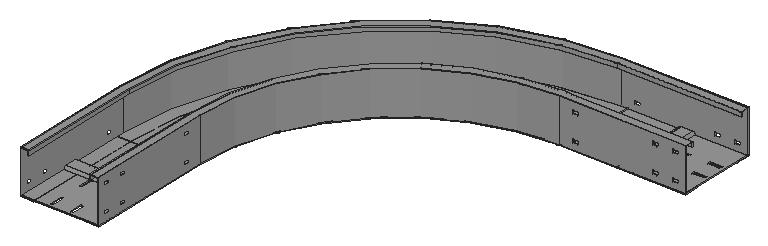
Revit family "Bogen 90WRB 120 FS", category Generic Models, Revit 2017
Family settings
  Can host rebar = No
  Round Connector Dimension = Use Diameter
  Part Type = Normal
  Work Plane-Based = No
  Always vertical = Yes
  Cut with Voids When Loaded = No
  Shared = No
  Room Calculation Point = No
Parameters (values of type "WRB 90 120 FS")
  URL = "http://www.obo-bettermann.com"
  Material = Strip Galvanised
  Manufacturer Art.No. = "6098304"
  Manufacturer = "OBO BETTERMANN"
  GTIN = "4012196033676"
  Cut's number = 2
  Article Type = "WRB 90 120 FS"
Reference planes
  plane 1 "Center (Front/Back)": y = 0
  plane 2: z = 0
  plane 3 "Center (Left/Right)": x = 0
  plane 4: y = 193
  plane 5: y = -817.08
  plane 6: x = 1010.08
  plane 7: through (1010.08, -817.08, 1200) normal (-0.7071, -0.7071, 0)
  plane 8: y = -817.08
  plane 9: y = -517.08
  plane 10: y = -665.18
  plane 11: y = -665.18
  plane 12: y = -680.18
  plane 13: z = 6.5
  plane 14: y = -517.08
  plane 15: x = 710.08
  plane 16: through (710.08, -517.08, 1200) normal (-0.2079, -0.9781, 0)
  plane 17: through (710.08, -517.08, 1200) normal (-0.5592, -0.829, 0)
  plane 18: z = 108.491
  plane 19: z = -1.509
  plane 20: z = -3.009
  plane 21: z = 96.991
  plane 22: z = 106.991
  plane 23: y = -792.08
  plane 24: x = 96.5
  plane 25: x = 121.5
  plane 26: x = 71.5
  plane 27: y = -792.08
  plane 28: x = 46.5
  plane 29: x = 71.5
  plane 30: x = 21.5
  plane 31: y = -792.08
  plane 32: x = 96.5
  plane 33: x = 121.5
  plane 34: x = 71.5
  plane 35: y = -702.08
  plane 36: x = 96.5
  plane 37: x = 121.5
  plane 38: x = 71.5
  plane 39: y = -702.08
  plane 40: x = 46.5
  plane 41: x = 71.5
  plane 42: x = 21.5
  plane 43: y = -612.08
  plane 44: x = 96.5
  plane 45: x = 121.5
  plane 46: x = 71.5
  plane 47: y = -612.08
  plane 48: x = 46.5
  plane 49: x = 71.5
  plane 50: x = 21.5
  plane 51: through (710.08, -517.08, 1200) normal (-0.829, -0.5592, 0)
  plane 52: x = 1010.08
  plane 53: x = 710.08
  plane 54: x = 858.18
  plane 55: x = 858.18
  plane 56: x = 873.18
  plane 57: z = 6.5
  plane 58: through (710.08, -517.08, 1200) normal (-0.9205, -0.3907, 0)
  plane 59: through (710.08, -517.08, 1200) normal (-0.9781, -0.2079, 0)
  plane 60: x = 985.08
  plane 61: y = 96.5
  plane 62: y = 121.5
  plane 63: y = 71.5
  plane 64: y = 96.5
  plane 65: x = 858.18
  plane 66: x = 945.08
  plane 67: y = -792.08
  plane 68: z = 85.991
  plane 69: y = -792.08
  plane 70: z = 20.991
  plane 71: y = -792.08
  plane 72: z = 85.991
  plane 73: y = -742.08
  plane 74: z = 85.991
  plane 75: y = -742.08
  plane 76: z = 20.991
  plane 77: y = -542.08
  plane 78: z = 85.991
  plane 79: y = -542.08
  plane 80: z = 20.991
  plane 81: x = 96.5
  plane 82: y = -792.08
  plane 83: z = 85.991
  plane 84: y = -742.08
  plane 85: z = 85.991
  plane 86: y = -792.08
  plane 87: z = 20.991
  plane 88: y = -742.08
  plane 89: z = 20.991
  plane 90: y = -542.08
  plane 91: z = 85.991
  plane 92: y = -542.08
  plane 93: z = 20.991
  plane 94: x = 935.08
  plane 95: z = 20.991
  plane 96: x = 985.08
  plane 97: z = 85.991
  plane 98: z = 49.491
  plane 99: x = 985.08
  plane 100: z = 20.991
  plane 101: x = 935.08
  plane 102: z = 85.991
  plane 103: x = 735.08
  plane 104: z = 20.991
  plane 105: x = 735.08
  plane 106: z = 85.991
  plane 107: y = 96.5
  plane 108: x = 985.08
  plane 109: z = 20.991
  plane 110: x = 935.08
  plane 111: z = 20.991
  plane 112: x = 935.08
  plane 113: z = 85.991
  plane 114: x = 985.08
  plane 115: z = 85.991
  plane 116: x = 735.08
  plane 117: z = 20.991
  plane 118: x = 735.08
  plane 119: z = 85.991
Forms (mm)
  Extrusion 1, solid, material "Strip Galvanised" <- "Material"
    sketch origin (193, 193, 0) x (0, -1, 0) y (0, 0, -1)
      loop
        line (1010.08, 0) -> (876.933, 0) -> (873.18, -6.5) -> (843.18, -6.5) -> (839.427, 0) -> (710.08, 0) -> (710.08, -1.5) -> (838.561, -1.5) -> (842.314, -8) -> (874.046, -8) -> (877.799, -1.5) -> (1010.08, -1.5) -> (1010.08, 0)
    from 0 to -193
  Extrusion 2, solid, material "Strip Galvanised" <- "Material"
    sketch origin (0, 0, 0) x (1, 0, 0) y (0, 1, 0)
      loop
        line (682.112, -1.911) -> (710.08, 0) -> (710.08, 193) -> (677.586, 191.036)
        arc (677.586, 191.036) -> (217.089, 2.414) -> (0, -445.367) r 696.5
        arc (0, -445.367) -> (-1.545, -481.223) -> (0, -517.08) r 416.89
        line (0, -517.08) -> (193.118, -517.08)
        arc (193.118, -517.08) -> (191.462, -485.146) -> (193.118, -453.212) r 308.848
        arc (193.118, -453.212) -> (352.437, -135.27) -> (682.112, -1.911) r 503.5
    from 0 to 1.5
  Extrusion 3, solid, material "Strip Galvanised" <- "Material"
    sketch origin (0, 0, 0) x (1, 0, 0) y (0, 1, 0)
      loop
        line (0, -817.08) -> (0, -500)
        arc (0, -500) -> (202.975, -9.975) -> (693, 193) r 693
        line (693, 193) -> (1010.08, 193) -> (1010.08, 194.5) -> (693, 194.5)
        arc (693, 194.5) -> (201.914, -8.914) -> (-1.5, -500) r 694.5
        line (-1.5, -500) -> (-1.5, -817.08) -> (0, -817.08)
      loop
        line (1010.08, 0) -> (693, 0)
        arc (693, 0) -> (339.447, -146.447) -> (193, -500) r 500
        line (193, -500) -> (193, -817.08) -> (194.5, -817.08) -> (194.5, -500)
        arc (194.5, -500) -> (340.507, -147.507) -> (693, -1.5) r 498.5
        line (693, -1.5) -> (1010.08, -1.5) -> (1010.08, 0)
    from 0 to 108.491
  Extrusion 4, solid, material "Strip Galvanised" <- "Material"
    sketch origin (0, 0, 0) x (1, 0, 0) y (0, 1, 0)
      loop
        line (1010.08, 194.5) -> (698.5, 194.5)
        arc (698.5, 194.5) -> (203.525, -10.525) -> (-1.5, -505.5) r 700
        line (-1.5, -505.5) -> (-1.5, -817.08) -> (33.5, -817.08) -> (33.5, -505.5)
        arc (33.5, -505.5) -> (228.274, -35.274) -> (698.5, 159.5) r 665
        line (698.5, 159.5) -> (1010.08, 159.5) -> (1010.08, 194.5)
    from 0 to -1.509
  Extrusion 5, solid, material "Strip Galvanised" <- "Material"
    sketch origin (0, 0, 0) x (1, 0, 0) y (0, 1, 0)
      loop
        line (1010.08, -1.5) -> (1010.08, 33.5) -> (693.145, 33.5)
        arc (693.145, 33.5) -> (315.801, -122.801) -> (159.5, -500.145) r 533.645
        line (159.5, -500.145) -> (159.5, -817.08) -> (194.5, -817.08) -> (194.5, -500.145)
        arc (194.5, -500.145) -> (340.55, -147.55) -> (693.145, -1.5) r 498.645
        line (693.145, -1.5) -> (1010.08, -1.5)
    from -1.509 to 0
  Extrusion 6, solid, material "Strip Galvanised" <- "Material"
    sketch origin (0, 0, 0) x (1, 0, 0) y (0, 1, 0)
      loop
        line (1010.08, 193) -> (698.2, 193)
        arc (698.2, 193) -> (204.498, -11.498) -> (0, -505.2) r 698.2
        line (0, -505.2) -> (0, -817.08) -> (20, -817.08) -> (20, -505.2)
        arc (20, -505.2) -> (218.64, -25.64) -> (698.2, 173) r 678.2
        line (698.2, 173) -> (1010.08, 173) -> (1010.08, 193)
      loop
        line (1010.08, 0) -> (1010.08, 20) -> (710.08, 20) -> (689.808, 20)
        arc (689.808, 20) -> (324.37, -131.37) -> (173, -496.808) r 516.808
        line (173, -496.808) -> (173, -517.08) -> (173, -817.08) -> (193, -817.08) -> (193, -496.808)
        arc (193, -496.808) -> (338.512, -145.512) -> (689.808, 0) r 496.808
        line (689.808, 0) -> (1010.08, 0)
    from 106.991 to 108.491
  Extrusion 7, solid, material "Strip Galvanised" <- "Material"
    sketch origin (0, 0, 0) x (1, 0, 0) y (0, 1, 0)
      loop
        line (1010.08, 173) -> (1010.08, 174.5) -> (697.474, 174.5)
        arc (697.474, 174.5) -> (217.367, -24.367) -> (18.5, -504.474) r 678.974
        line (18.5, -504.474) -> (18.5, -817.08) -> (20, -817.08) -> (20, -504.474)
        arc (20, -504.474) -> (218.428, -25.428) -> (697.474, 173) r 677.474
        line (697.474, 173) -> (1010.08, 173)
      loop
        line (1010.08, 20) -> (689.212, 20)
        arc (689.212, 20) -> (324.195, -131.195) -> (173, -496.212) r 516.212
        line (173, -496.212) -> (173, -817.08) -> (174.5, -817.08) -> (174.5, -496.212)
        arc (174.5, -496.212) -> (325.256, -132.256) -> (689.212, 18.5) r 514.712
        line (689.212, 18.5) -> (1010.08, 18.5) -> (1010.08, 20)
    from 96.991 to 106.991
  Extrusion 8, void
    sketch origin (0, 0, 0) x (1, 0, 0) y (0, 1, 0)
      loop
        line (118, -776.08) -> (118, -808.08) -> (125, -808.08) -> (125, -776.08) -> (118, -776.08)
    from -1.509 to 1.5
  Extrusion 9, void
    sketch origin (-50, 0, 0) x (1, 0, 0) y (0, 1, 0)
      loop
        line (118, -776.08) -> (118, -808.08) -> (125, -808.08) -> (125, -776.08) -> (118, -776.08)
    from -1.509 to 1.5
  Extrusion 10, void, not visible
    sketch origin (0, 0, 0) x (1, 0, 0) y (0, 1, 0)
      loop
        line (118, -776.08) -> (118, -808.08) -> (125, -808.08) -> (125, -776.08) -> (118, -776.08)
    from -1.509 to 1.5
  Extrusion 11, void
    sketch origin (0, 90, 0) x (1, 0, 0) y (0, 1, 0)
      loop
        line (118, -776.08) -> (118, -808.08) -> (125, -808.08) -> (125, -776.08) -> (118, -776.08)
    from -1.509 to 1.5
  Extrusion 12, void
    sketch origin (-50, 90, 0) x (1, 0, 0) y (0, 1, 0)
      loop
        line (118, -776.08) -> (118, -808.08) -> (125, -808.08) -> (125, -776.08) -> (118, -776.08)
    from -1.509 to 1.5
  Extrusion 13, void
    sketch origin (0, 180, 0) x (1, 0, 0) y (0, 1, 0)
      loop
        line (118, -776.08) -> (118, -808.08) -> (125, -808.08) -> (125, -776.08) -> (118, -776.08)
    from -1.509 to 1.5
  Extrusion 14, void
    sketch origin (-50, 180, 0) x (1, 0, 0) y (0, 1, 0)
      loop
        line (118, -776.08) -> (118, -808.08) -> (125, -808.08) -> (125, -776.08) -> (118, -776.08)
    from -1.509 to 1.5
  Extrusion 15, void
    sketch origin (0, 0, 0) x (1, 0, 0) y (0, 1, 0)
      loop
        line (85.646, -351.774) -> (92.495, -353.263) -> (100.087, -322.241) -> (93.255, -320.687) -> (85.646, -351.774)
      loop
        line (134.317, -362.602) -> (141.01, -364.055) -> (148.804, -333.041) -> (142.166, -331.372) -> (134.317, -362.602)
      loop
        line (121.056, -423.57) -> (115.224, -455.238) -> (121.956, -456.478) -> (127.748, -425.029) -> (121.056, -423.57)
      loop
        line (72.285, -413.204) -> (66.294, -444.643) -> (73.155, -446.067) -> (79.133, -414.694) -> (72.285, -413.204)
      loop
        line (231.924, -156.064) -> (237.59, -159.724) -> (254.312, -134.933) -> (248.796, -131.051) -> (231.924, -156.064)
      loop
        line (189.911, -128.824) -> (195.616, -132.523) -> (213.367, -106.206) -> (207.828, -102.32) -> (198.516, -115.549) -> (189.911, -128.824)
      loop
        line (196.232, -208.98) -> (179.36, -233.994) -> (185.026, -237.654) -> (201.748, -212.863) -> (196.232, -208.98)
      loop
        line (155.236, -180.23) -> (146.151, -193.183) -> (137.375, -206.772) -> (143.052, -210.452) -> (160.803, -184.135) -> (155.236, -180.23)
      loop
        line (426.994, 13.64) -> (401.98, -3.232) -> (405.863, -8.748) -> (430.654, 7.974) -> (426.994, 13.64)
      loop
        line (324.051, -55.796) -> (327.933, -61.312) -> (352.724, -44.59) -> (349.064, -38.924) -> (324.051, -55.796)
      loop
        line (399.754, 55.654) -> (386.478, 47.048) -> (373.25, 37.736) -> (377.135, 32.197) -> (403.452, 49.948) -> (399.754, 55.654)
      loop
        line (295.301, -14.801) -> (299.206, -20.367) -> (325.523, -2.616) -> (321.842, 3.061) -> (308.253, -5.715) -> (295.301, -14.801)
      loop
        line (513.661, 104.004) -> (515.196, 97.38) -> (546.246, 103.98) -> (544.961, 110.623) -> (529.073, 107.576) -> (513.661, 104.004)
      loop
        line (524.96, 55.224) -> (526.493, 48.655) -> (555.743, 54.873) -> (554.472, 61.497) -> (524.96, 55.224)
      loop
        line (636.9, 130.2) -> (621.368, 127.194) -> (605.614, 123.515) -> (607.142, 116.924) -> (638.192, 123.524) -> (636.9, 130.2)
      loop
        line (646.418, 81.041) -> (616.906, 74.768) -> (618.439, 68.199) -> (647.689, 74.416) -> (646.418, 81.041)
    from -1.509 to 1.5
  Extrusion 16, solid, material "Strip Galvanised" <- "Material"
    sketch origin (0, 0, 0) x (1, 0, 0) y (0, 0, 1)
      loop
        line (1010.08, 0) -> (1010.08, 1.5) -> (877.799, 1.5) -> (874.046, 8) -> (842.314, 8) -> (838.561, 1.5) -> (710.08, 1.5) -> (710.08, 0) -> (839.427, 0) -> (843.18, 6.5) -> (873.18, 6.5) -> (876.933, 0) -> (1010.08, 0)
    from 0 to -193
  Extrusion 17, void
    sketch origin (0, 0, 0) x (1, 0, 0) y (0, 1, 0)
      loop
        line (969.08, 125) -> (969.08, 118) -> (1000.877, 118) -> (1000.877, 125) -> (969.08, 125)
      loop
        line (969.08, 68) -> (1000.877, 68) -> (1000.877, 75) -> (969.08, 75) -> (969.08, 68)
      loop
        line (921.08, 125) -> (889.283, 125) -> (889.283, 118) -> (921.08, 118) -> (921.08, 125)
      loop
        line (921.08, 68) -> (921.08, 75) -> (889.283, 75) -> (889.283, 68) -> (921.08, 68)
      loop
        line (795.28, 68) -> (827.077, 68) -> (827.077, 75) -> (795.28, 75) -> (795.28, 68)
      loop
        line (795.28, 125) -> (795.28, 118) -> (827.077, 118) -> (827.077, 125) -> (795.28, 125)
    from -1.509 to 1.5
  Extrusion 18, void
    sketch origin (0, 0, 0) x (0, 1, 0) y (0, 0, 1)
      loop
        line (-799.58, 90.491) -> (-799.58, 81.491) -> (-784.58, 81.491) -> (-784.58, 90.491) -> (-799.58, 90.491)
    from 193 to 194.5
  Extrusion 19, void
    sketch origin (0, 0, -65) x (0, 1, 0) y (0, 0, 1)
      loop
        line (-799.58, 90.491) -> (-799.58, 81.491) -> (-784.58, 81.491) -> (-784.58, 90.491) -> (-799.58, 90.491)
    from 193 to 194.5
  Extrusion 20, void, not visible
    sketch origin (0, 0, 0) x (0, 1, 0) y (0, 0, 1)
      loop
        line (-799.58, 90.491) -> (-799.58, 81.491) -> (-784.58, 81.491) -> (-784.58, 90.491) -> (-799.58, 90.491)
    from 193 to 194.5
  Extrusion 21, void
    sketch origin (0, 50, 0) x (0, 1, 0) y (0, 0, 1)
      loop
        line (-799.58, 90.491) -> (-799.58, 81.491) -> (-784.58, 81.491) -> (-784.58, 90.491) -> (-799.58, 90.491)
    from 193 to 194.5
  Extrusion 22, void
    sketch origin (0, 50, -65) x (0, 1, 0) y (0, 0, 1)
      loop
        line (-799.58, 90.491) -> (-799.58, 81.491) -> (-784.58, 81.491) -> (-784.58, 90.491) -> (-799.58, 90.491)
    from 193 to 194.5
  Extrusion 23, void
    sketch origin (0, 250, 0) x (0, 1, 0) y (0, 0, 1)
      loop
        line (-799.58, 90.491) -> (-799.58, 81.491) -> (-784.58, 81.491) -> (-784.58, 90.491) -> (-799.58, 90.491)
    from 193 to 194.5
  Extrusion 24, void
    sketch origin (0, 250, -65) x (0, 1, 0) y (0, 0, 1)
      loop
        line (-799.58, 90.491) -> (-799.58, 81.491) -> (-784.58, 81.491) -> (-784.58, 90.491) -> (-799.58, 90.491)
    from 193 to 194.5
  Extrusion 25, void
    sketch origin (193, 0, 0) x (0, 1, 0) y (0, 0, -1)
      loop
        line (-799.58, -90.491) -> (-784.58, -90.491) -> (-784.58, -81.491) -> (-799.58, -81.491) -> (-799.58, -90.491)
    from 193 to 194.5
  Extrusion 26, void
    sketch origin (193, 50, 0) x (0, 1, 0) y (0, 0, -1)
      loop
        line (-799.58, -90.491) -> (-784.58, -90.491) -> (-784.58, -81.491) -> (-799.58, -81.491) -> (-799.58, -90.491)
    from 193 to 194.5
  Extrusion 27, void
    sketch origin (193, 0, -65) x (0, 1, 0) y (0, 0, -1)
      loop
        line (-799.58, -90.491) -> (-784.58, -90.491) -> (-784.58, -81.491) -> (-799.58, -81.491) -> (-799.58, -90.491)
    from 193 to 194.5
  Extrusion 28, void
    sketch origin (193, 50, -65) x (0, 1, 0) y (0, 0, -1)
      loop
        line (-799.58, -90.491) -> (-784.58, -90.491) -> (-784.58, -81.491) -> (-799.58, -81.491) -> (-799.58, -90.491)
    from 193 to 194.5
  Extrusion 29, void
    sketch origin (193, 250, 0) x (0, 1, 0) y (0, 0, -1)
      loop
        line (-799.58, -90.491) -> (-784.58, -90.491) -> (-784.58, -81.491) -> (-799.58, -81.491) -> (-799.58, -90.491)
    from 193 to 194.5
  Extrusion 30, void
    sketch origin (193, 250, -65) x (0, 1, 0) y (0, 0, -1)
      loop
        line (-799.58, -90.491) -> (-784.58, -90.491) -> (-784.58, -81.491) -> (-799.58, -81.491) -> (-799.58, -90.491)
    from 193 to 194.5
  Extrusion 31, void
    sketch origin (143, 193, -65) x (-1, 0, 0) y (0, 0, -1)
      loop
        line (-799.58, -90.491) -> (-784.58, -90.491) -> (-784.58, -81.491) -> (-799.58, -81.491) -> (-799.58, -90.491)
    from 193 to 194.5
  Extrusion 32, void
    sketch origin (193, 193, 0) x (-1, 0, 0) y (0, 0, -1)
      loop
        line (-799.58, -90.491) -> (-784.58, -90.491) -> (-784.58, -81.491) -> (-799.58, -81.491) -> (-799.58, -90.491)
    from 193 to 194.5
  Extrusion 33, void
    sketch origin (193, 193, -65) x (-1, 0, 0) y (0, 0, -1)
      loop
        line (-799.58, -90.491) -> (-784.58, -90.491) -> (-784.58, -81.491) -> (-799.58, -81.491) -> (-799.58, -90.491)
    from 193 to 194.5
  Extrusion 34, void
    sketch origin (143, 193, 0) x (-1, 0, 0) y (0, 0, -1)
      loop
        line (-799.58, -90.491) -> (-784.58, -90.491) -> (-784.58, -81.491) -> (-799.58, -81.491) -> (-799.58, -90.491)
    from 193 to 194.5
  Extrusion 35, void
    sketch origin (-57, 193, -65) x (-1, 0, 0) y (0, 0, -1)
      loop
        line (-799.58, -90.491) -> (-784.58, -90.491) -> (-784.58, -81.491) -> (-799.58, -81.491) -> (-799.58, -90.491)
    from 193 to 194.5
  Extrusion 36, void
    sketch origin (-57, 193, 0) x (-1, 0, 0) y (0, 0, -1)
      loop
        line (-799.58, -90.491) -> (-784.58, -90.491) -> (-784.58, -81.491) -> (-799.58, -81.491) -> (-799.58, -90.491)
    from 193 to 194.5
  Extrusion 37, void
    sketch origin (193, 0, -65) x (-1, 0, 0) y (0, 0, 1)
      loop
        line (-799.58, 90.491) -> (-799.58, 81.491) -> (-784.58, 81.491) -> (-784.58, 90.491) -> (-799.58, 90.491)
    from 193 to 194.5
  Extrusion 38, void
    sketch origin (143, 0, -65) x (-1, 0, 0) y (0, 0, 1)
      loop
        line (-799.58, 90.491) -> (-799.58, 81.491) -> (-784.58, 81.491) -> (-784.58, 90.491) -> (-799.58, 90.491)
    from 193 to 194.5
  Extrusion 39, void
    sketch origin (143, 0, 0) x (-1, 0, 0) y (0, 0, 1)
      loop
        line (-799.58, 90.491) -> (-799.58, 81.491) -> (-784.58, 81.491) -> (-784.58, 90.491) -> (-799.58, 90.491)
    from 193 to 194.5
  Extrusion 40, void
    sketch origin (193, 0, 0) x (-1, 0, 0) y (0, 0, 1)
      loop
        line (-799.58, 90.491) -> (-799.58, 81.491) -> (-784.58, 81.491) -> (-784.58, 90.491) -> (-799.58, 90.491)
    from 193 to 194.5
  Extrusion 41, void
    sketch origin (-57, 0, -65) x (-1, 0, 0) y (0, 0, 1)
      loop
        line (-799.58, 90.491) -> (-799.58, 81.491) -> (-784.58, 81.491) -> (-784.58, 90.491) -> (-799.58, 90.491)
    from 193 to 194.5
  Extrusion 42, void
    sketch origin (-57, 0, 0) x (-1, 0, 0) y (0, 0, 1)
      loop
        line (-799.58, 90.491) -> (-799.58, 81.491) -> (-784.58, 81.491) -> (-784.58, 90.491) -> (-799.58, 90.491)
    from 193 to 194.5
Cuts and joins
  Extrusion 8, Extrusion 9, Extrusion 11, Extrusion 12, Extrusion 13, Extrusion 14 cuts Extrusion 1
  Extrusion 15 cuts Extrusion 2
  Extrusion 17 cuts Extrusion 16
  Extrusion 18, Extrusion 19, Extrusion 21, Extrusion 22, Extrusion 23, Extrusion 24, Extrusion 25, Extrusion 26, Extrusion 27, Extrusion 28, Extrusion 29, Extrusion 30, Extrusion 31, Extrusion 32, Extrusion 33, Extrusion 34, Extrusion 35, Extrusion 36, Extrusion 37, Extrusion 38, Extrusion 39, Extrusion 40, Extrusion 41, Extrusion 42 cuts Extrusion 3
Dimensions and locks
  locked: plane 1 "Center (Front/Back)" to plane 4 at 193
  plane 4 to plane 5 = 1010.08 mm
  locked: plane 8 to plane 9 at 300
  locked: plane 8 to plane 11 at 151.9
  locked: plane 8 to plane 12 at 136.9
  locked: Extrusion 2 sketch curve to Extrusion 2 sketch curve at 193
  locked: Extrusion 2 sketch curve to Extrusion 2 sketch curve at 193.118
  locked: Extrusion 2 sketch curve to Extrusion 2 sketch curve at 731.178
  locked: Extrusion 1 to Extrusion 1 at 300
  plane 3 "Center (Left/Right)" to Extrusion 3 = 1010.08 mm
  locked: Extrusion 3 to Extrusion 4 sketch curve at 35  (x2)
  locked: Extrusion 1 to Extrusion 3 at 1010.08
  plane 3 "Center (Left/Right)" to Extrusion 4 = 1010.08 mm
  locked: Extrusion 4 to plane 19 at 1.509
  locked: plane 18 to Extrusion 4 at 110
  locked: plane 18 to plane 19 at 110
  Extrusion 5 to plane 20 = 3.009 mm
  plane 3 "Center (Left/Right)" to Extrusion 7 = 1010.08 mm
  locked: Extrusion 6 to Extrusion 7 at 10
  Extrusion 6 to Extrusion 6 = 193 mm
  locked: Extrusion 8 sketch curve to Extrusion 8 sketch curve at 7
  locked: Extrusion 8 sketch curve to plane 25 at 3.5
  locked: Extrusion 8 sketch curve to Extrusion 8 sketch curve at 32
  locked: plane 23 to Extrusion 8 sketch curve at 16
  locked: Extrusion 9 sketch curve to Extrusion 9 sketch curve at 7
  locked: Extrusion 9 sketch curve to plane 29 at 3.5
  locked: Extrusion 9 sketch curve to Extrusion 9 sketch curve at 32
  locked: plane 27 to Extrusion 9 sketch curve at 16
  locked: Extrusion 10 sketch curve to Extrusion 10 sketch curve at 7
  locked: Extrusion 10 sketch curve to plane 33 at 3.5
  locked: Extrusion 10 sketch curve to Extrusion 10 sketch curve at 32
  locked: plane 31 to Extrusion 10 sketch curve at 16
  locked: Extrusion 11 sketch curve to Extrusion 11 sketch curve at 7
  locked: Extrusion 11 sketch curve to plane 37 at 3.5
  locked: Extrusion 11 sketch curve to Extrusion 11 sketch curve at 32
  locked: plane 35 to Extrusion 11 sketch curve at 16
  locked: Extrusion 12 sketch curve to Extrusion 12 sketch curve at 7
  locked: Extrusion 12 sketch curve to plane 41 at 3.5
  locked: Extrusion 12 sketch curve to Extrusion 12 sketch curve at 32
  locked: plane 39 to Extrusion 12 sketch curve at 16
  locked: Extrusion 13 sketch curve to Extrusion 13 sketch curve at 7
  locked: Extrusion 13 sketch curve to plane 45 at 3.5
  locked: Extrusion 13 sketch curve to Extrusion 13 sketch curve at 32
  locked: plane 43 to Extrusion 13 sketch curve at 16
  locked: Extrusion 14 sketch curve to Extrusion 14 sketch curve at 7
  locked: Extrusion 14 sketch curve to plane 49 at 3.5
  locked: Extrusion 14 sketch curve to Extrusion 14 sketch curve at 32
  locked: plane 47 to Extrusion 14 sketch curve at 16
  plane 3 "Center (Left/Right)" to Extrusion 5 = 1010.08 mm
  locked: plane 52 to plane 53 at 300
  locked: plane 52 to plane 55 at 151.9
  locked: plane 52 to plane 56 at 136.9
  locked: Extrusion 16 to Extrusion 16 at 300
  locked: plane 60 to Extrusion 16 at 25
  plane 62 to plane 61 = 25 mm
  locked: plane 61 to Extrusion 4 at 63
  locked: Extrusion 17 sketch curve to Extrusion 17 sketch curve at 7  (x6)
  locked: plane 62 to Extrusion 17 sketch curve at 3.5
  Extrusion 17 sketch curve to Extrusion 17 sketch curve = 31.797 mm
  locked: Extrusion 17 sketch curve to plane 60 at 16
  locked: plane 65 to Extrusion 16 at 151.9
  locked: Extrusion 18 sketch curve to Extrusion 18 sketch curve at 15
  locked: plane 67 to Extrusion 18 sketch curve at 7.5
  locked: Extrusion 18 sketch curve to Extrusion 18 sketch curve at 9
  locked: plane 68 to Extrusion 18 sketch curve at 4.5
  locked: Extrusion 19 sketch curve to Extrusion 19 sketch curve at 15
  locked: plane 69 to Extrusion 19 sketch curve at 7.5
  locked: Extrusion 19 sketch curve to Extrusion 19 sketch curve at 9
  locked: plane 70 to Extrusion 19 sketch curve at 4.5
  locked: Extrusion 20 sketch curve to Extrusion 20 sketch curve at 15
  locked: plane 71 to Extrusion 20 sketch curve at 7.5
  locked: Extrusion 20 sketch curve to Extrusion 20 sketch curve at 9
  locked: plane 72 to Extrusion 20 sketch curve at 4.5
  locked: Extrusion 21 sketch curve to Extrusion 21 sketch curve at 15
  locked: plane 73 to Extrusion 21 sketch curve at 7.5
  locked: Extrusion 21 sketch curve to Extrusion 21 sketch curve at 9
  locked: plane 74 to Extrusion 21 sketch curve at 4.5
  locked: Extrusion 22 sketch curve to Extrusion 22 sketch curve at 15
  locked: plane 75 to Extrusion 22 sketch curve at 7.5
  locked: Extrusion 22 sketch curve to Extrusion 22 sketch curve at 9
  locked: plane 76 to Extrusion 22 sketch curve at 4.5
  locked: Extrusion 23 sketch curve to Extrusion 23 sketch curve at 15
  locked: plane 77 to Extrusion 23 sketch curve at 7.5
  locked: Extrusion 23 sketch curve to Extrusion 23 sketch curve at 9
  locked: plane 78 to Extrusion 23 sketch curve at 4.5
  locked: Extrusion 24 sketch curve to Extrusion 24 sketch curve at 15
  locked: plane 79 to Extrusion 24 sketch curve at 7.5
  locked: Extrusion 24 sketch curve to Extrusion 24 sketch curve at 9
  locked: plane 80 to Extrusion 24 sketch curve at 4.5
  group 3 to group 4 = 0 mm  (x2)
  group 4 to group 3 = 65 mm
  locked: Extrusion 4 to plane 81 at 63
  locked: Extrusion 25 sketch curve to Extrusion 25 sketch curve at 15
  locked: plane 82 to Extrusion 25 sketch curve at 7.5
  locked: Extrusion 25 sketch curve to Extrusion 25 sketch curve at 9
  locked: Extrusion 25 sketch curve to plane 83 at 4.5
  locked: Extrusion 26 sketch curve to Extrusion 26 sketch curve at 15
  locked: plane 84 to Extrusion 26 sketch curve at 7.5
  locked: Extrusion 26 sketch curve to Extrusion 26 sketch curve at 9
  locked: Extrusion 26 sketch curve to plane 85 at 4.5
  locked: Extrusion 27 sketch curve to Extrusion 27 sketch curve at 15
  locked: plane 86 to Extrusion 27 sketch curve at 7.5
  locked: Extrusion 27 sketch curve to Extrusion 27 sketch curve at 9
  locked: Extrusion 27 sketch curve to plane 87 at 4.5
  locked: Extrusion 28 sketch curve to Extrusion 28 sketch curve at 15
  locked: plane 88 to Extrusion 28 sketch curve at 7.5
  locked: Extrusion 28 sketch curve to Extrusion 28 sketch curve at 9
  locked: Extrusion 28 sketch curve to plane 89 at 4.5
  locked: Extrusion 29 sketch curve to Extrusion 29 sketch curve at 15
  locked: plane 90 to Extrusion 29 sketch curve at 7.5
  locked: Extrusion 29 sketch curve to Extrusion 29 sketch curve at 9
  locked: Extrusion 29 sketch curve to plane 91 at 4.5
  locked: Extrusion 30 sketch curve to Extrusion 30 sketch curve at 15
  locked: plane 92 to Extrusion 30 sketch curve at 7.5
  locked: Extrusion 30 sketch curve to Extrusion 30 sketch curve at 9
  locked: Extrusion 30 sketch curve to plane 93 at 4.5
  group 6 to group 7 = 0 mm  (x2)
  group 6 to group 7 = 200 mm
  locked: Extrusion 31 sketch curve to Extrusion 31 sketch curve at 15
  locked: plane 94 to Extrusion 31 sketch curve at 7.5
  locked: Extrusion 31 sketch curve to Extrusion 31 sketch curve at 9
  locked: Extrusion 31 sketch curve to plane 95 at 4.5
  locked: Extrusion 32 sketch curve to Extrusion 32 sketch curve at 15
  locked: plane 96 to Extrusion 32 sketch curve at 7.5
  locked: Extrusion 32 sketch curve to Extrusion 32 sketch curve at 9
  locked: Extrusion 32 sketch curve to plane 97 at 4.5
  locked: Extrusion 7 to cut or joined group of Extrusion 16, Extrusion 17 at 95.491
  locked: Extrusion 7 to plane 98 at 47.5
  locked: Extrusion 33 sketch curve to Extrusion 33 sketch curve at 15
  locked: plane 99 to Extrusion 33 sketch curve at 7.5
  locked: Extrusion 33 sketch curve to Extrusion 33 sketch curve at 9
  locked: Extrusion 33 sketch curve to plane 100 at 4.5
  locked: Extrusion 34 sketch curve to Extrusion 34 sketch curve at 15
  locked: plane 101 to Extrusion 34 sketch curve at 7.5
  locked: Extrusion 34 sketch curve to Extrusion 34 sketch curve at 9
  locked: Extrusion 34 sketch curve to plane 102 at 4.5
  locked: Extrusion 35 sketch curve to Extrusion 35 sketch curve at 15
  locked: plane 103 to Extrusion 35 sketch curve at 7.5
  locked: Extrusion 35 sketch curve to Extrusion 35 sketch curve at 9
  locked: Extrusion 35 sketch curve to plane 104 at 4.5
  locked: Extrusion 36 sketch curve to Extrusion 36 sketch curve at 15
  locked: plane 105 to Extrusion 36 sketch curve at 7.5
  locked: Extrusion 36 sketch curve to Extrusion 36 sketch curve at 9
  locked: Extrusion 36 sketch curve to plane 106 at 4.5
  locked: plane 107 to Extrusion 5 at 63
  locked: Extrusion 37 sketch curve to Extrusion 37 sketch curve at 15
  locked: plane 108 to Extrusion 37 sketch curve at 7.5
  locked: Extrusion 37 sketch curve to Extrusion 37 sketch curve at 9
  locked: plane 109 to Extrusion 37 sketch curve at 4.5
  locked: Extrusion 38 sketch curve to Extrusion 38 sketch curve at 15
  locked: plane 110 to Extrusion 38 sketch curve at 7.5
  locked: Extrusion 38 sketch curve to Extrusion 38 sketch curve at 9
  locked: plane 111 to Extrusion 38 sketch curve at 4.5
  locked: Extrusion 39 sketch curve to Extrusion 39 sketch curve at 15
  locked: plane 112 to Extrusion 39 sketch curve at 7.5
  locked: Extrusion 39 sketch curve to Extrusion 39 sketch curve at 9
  locked: plane 113 to Extrusion 39 sketch curve at 4.5
  locked: Extrusion 40 sketch curve to Extrusion 40 sketch curve at 15
  locked: plane 114 to Extrusion 40 sketch curve at 7.5
  locked: Extrusion 40 sketch curve to Extrusion 40 sketch curve at 9
  locked: plane 115 to Extrusion 40 sketch curve at 4.5
  group 9 to group 10 = 0 mm  (x2)
  group 9 to group 10 = 65 mm
  locked: Extrusion 41 sketch curve to Extrusion 41 sketch curve at 15
  locked: plane 116 to Extrusion 41 sketch curve at 7.5
  locked: Extrusion 41 sketch curve to Extrusion 41 sketch curve at 9
  locked: plane 117 to Extrusion 41 sketch curve at 4.5
  locked: Extrusion 42 sketch curve to Extrusion 42 sketch curve at 15
  locked: plane 118 to Extrusion 42 sketch curve at 7.5
  locked: Extrusion 42 sketch curve to Extrusion 42 sketch curve at 9
  locked: plane 119 to Extrusion 42 sketch curve at 4.5
  group 12 to group 11 = 200 mm
  group 11 to group 12 = 0 mm  (x2)
  radius of Extrusion 2 sketch curve = 696.5 mm
  radius of Extrusion 2 sketch curve = 503.5 mm
  locked: plane 7 to plane 5 (angle 45.00°)
  locked: plane 16 to plane 14 (angle 12.00°)
  locked: plane 17 to plane 16 (angle 22.00°)
  angle plane 51 to plane 17 = 22.00°
  angle plane 15 to plane 59 = 12.00°
  angle plane 59 to plane 51 = 22.00°
  angle plane 58 to plane 51 = 11.00°
  aligned and locked: level to plane 2
  aligned and locked: plane 10 to plane 11
  aligned and locked: Extrusion 1 sketch curve to plane 8
  aligned and locked: Extrusion 1 sketch curve to plane 9
  aligned and locked: Extrusion 2 to level
  aligned and locked: plane 3 "Center (Left/Right)" to Extrusion 3 sketch curve
  aligned and locked: Extrusion 3 sketch curve to plane 6
  aligned and locked: plane 5 to Extrusion 3 sketch curve
  aligned and locked: Extrusion 1 to Extrusion 3 sketch curve
  aligned and locked: Extrusion 3 to plane 18
  aligned and locked: Extrusion 4 to plane 5
  aligned and locked: Extrusion 4 to plane 19
  aligned and locked: Extrusion 3 to Extrusion 4
  aligned and locked: Extrusion 5 sketch curve to Extrusion 3
  aligned and locked: Extrusion 5 to plane 5
  aligned and locked: level to Extrusion 5
  aligned and locked: Extrusion 5 to Extrusion 4
  aligned and locked: Extrusion 6 to Extrusion 3
  aligned and locked: Extrusion 6 to plane 22
  aligned and locked: plane 6 to Extrusion 6 sketch curve
  aligned and locked: Extrusion 6 sketch curve to Extrusion 1
  aligned and locked: plane 5 to Extrusion 7 sketch curve
  aligned and locked: Extrusion 7 sketch curve to plane 5
  aligned and locked: Extrusion 7 to plane 5  (x2)
  aligned and locked: Extrusion 7 to plane 21
  aligned and locked: Extrusion 7 to Extrusion 6
  aligned and locked: Extrusion 4 to Extrusion 8
  aligned and locked: Extrusion 1 to Extrusion 8
  aligned and locked: Extrusion 4 to Extrusion 15
  aligned and locked: plane 55 to plane 54
  aligned and locked: Extrusion 16 sketch curve to plane 52
  aligned and locked: Extrusion 16 sketch curve to plane 53
  aligned and locked: Extrusion 4 to Extrusion 17
  aligned and locked: Extrusion 3 to Extrusion 18  (x2)
Automatic sketch dimensions
  Extrusion 1 sketch curve to level = 0 mm  (x2)
  Extrusion 1 sketch curve to plane 13 = 0 mm
  Extrusion 1 sketch curve to plane 12 = 0 mm
  level to Extrusion 1 sketch curve = 1.5 mm  (x2)
  Extrusion 1 sketch curve to plane 10 = 19.619 mm
  Extrusion 1 sketch curve to Extrusion 1 sketch curve = 0.866 mm  (x3)
  plane 13 to Extrusion 1 sketch curve = 1.5 mm
  Extrusion 1 sketch curve to Extrusion 1 sketch curve = 3.753 mm
  plane 12 to Extrusion 1 sketch curve = 0.866 mm
  plane 12 to Extrusion 1 sketch curve = 3.753 mm
  Extrusion 2 sketch curve to Extrusion 2 sketch curve = 0 mm  (x2)
  Extrusion 2 sketch curve to plane 3 "Center (Left/Right)" = 0 mm  (x3)
  plane 1 "Center (Front/Back)" to Extrusion 2 sketch curve = 0 mm
  Extrusion 2 sketch curve to plane 15 = 0 mm
  plane 14 to Extrusion 2 sketch curve = 35.857 mm
  Extrusion 2 sketch curve to Extrusion 2 sketch curve = 222.227 mm
  Extrusion 2 sketch curve to Extrusion 2 sketch curve = 84.965 mm
  Extrusion 2 sketch curve to plane 4 = 1.964 mm
  plane 1 "Center (Front/Back)" to Extrusion 2 sketch curve = 1.911 mm
  plane 14 to Extrusion 2 sketch curve = 31.934 mm
  Extrusion 3 sketch curve to Extrusion 3 sketch curve = 0 mm  (x12)
  plane 1 "Center (Front/Back)" to Extrusion 3 sketch curve = 0 mm
  Extrusion 3 sketch curve to plane 4 = 0 mm
  Extrusion 3 sketch curve to plane 6 = 0 mm
  Extrusion 3 sketch curve to plane 3 "Center (Left/Right)" = 1.5 mm
  Extrusion 3 sketch curve to Extrusion 3 sketch curve = 1.5 mm
  Extrusion 3 sketch curve to plane 15 = 17.08 mm
  Extrusion 4 sketch curve to Extrusion 4 sketch curve = 0 mm  (x2)
  Extrusion 4 sketch curve to plane 5 = 0 mm
  Extrusion 4 sketch curve to plane 6 = 0 mm
  Extrusion 4 sketch curve to plane 3 "Center (Left/Right)" = 1.5 mm
  plane 14 to Extrusion 4 sketch curve = 11.58 mm
  Extrusion 5 sketch curve to Extrusion 5 sketch curve = 0 mm  (x2)
  plane 7 to Extrusion 5 sketch curve = 0 mm
  Extrusion 5 sketch curve to plane 6 = 0 mm
  plane 14 to Extrusion 5 sketch curve = 16.935 mm
  plane 81 to Extrusion 5 sketch curve = 98 mm
  Extrusion 5 sketch curve to Extrusion 5 sketch curve = 35 mm
  Extrusion 6 sketch curve to Extrusion 6 sketch curve = 0 mm  (x4)
  Extrusion 6 sketch curve to plane 3 "Center (Left/Right)" = 0 mm
  Extrusion 6 sketch curve to plane 5 = 0 mm
  Extrusion 6 sketch curve to plane 14 = 0 mm
  plane 7 to Extrusion 6 sketch curve = 0 mm
  plane 1 "Center (Front/Back)" to Extrusion 6 sketch curve = 0 mm
  Extrusion 6 sketch curve to plane 4 = 0 mm
  Extrusion 6 sketch curve to plane 15 = 0 mm
  Extrusion 6 sketch curve to plane 6 = 0 mm
  plane 14 to Extrusion 6 sketch curve = 11.88 mm
  Extrusion 6 sketch curve to Extrusion 6 sketch curve = 20 mm  (x2)
  Extrusion 6 sketch curve to Extrusion 6 sketch curve = 8.392 mm
  Extrusion 7 sketch curve to Extrusion 7 sketch curve = 0 mm  (x4)
  plane 7 to Extrusion 7 sketch curve = 0 mm  (x2)
  Extrusion 7 sketch curve to plane 6 = 0 mm  (x2)
  Extrusion 7 sketch curve to plane 15 = 12.606 mm
  Extrusion 7 sketch curve to Extrusion 7 sketch curve = 8.263 mm
  plane 81 to Extrusion 7 sketch curve = 78 mm
  Extrusion 7 sketch curve to Extrusion 7 sketch curve = 1.5 mm  (x2)
  plane 3 "Center (Left/Right)" to Extrusion 7 sketch curve = 20 mm
  Extrusion 15 sketch curve to plane 81 = 30.206 mm
  Extrusion 15 sketch curve to plane 81 = 24.215 mm
  Extrusion 15 sketch curve to Extrusion 15 sketch curve = 6.861 mm
  Extrusion 15 sketch curve to Extrusion 15 sketch curve = 6.848 mm
  Extrusion 15 sketch curve to plane 81 = 10.854 mm
  Extrusion 15 sketch curve to plane 81 = 4.005 mm
  Extrusion 15 sketch curve to plane 81 = 3.245 mm
  plane 81 to Extrusion 15 sketch curve = 3.587 mm
  plane 81 to Extrusion 15 sketch curve = 18.724 mm
  plane 81 to Extrusion 15 sketch curve = 24.556 mm
  Extrusion 15 sketch curve to Extrusion 15 sketch curve = 6.732 mm
  Extrusion 15 sketch curve to Extrusion 15 sketch curve = 6.692 mm
  plane 81 to Extrusion 15 sketch curve = 37.817 mm
  plane 81 to Extrusion 15 sketch curve = 40.875 mm
  Extrusion 15 sketch curve to Extrusion 15 sketch curve = 6.693 mm
  Extrusion 15 sketch curve to Extrusion 15 sketch curve = 7.848 mm
  Extrusion 15 sketch curve to Extrusion 15 sketch curve = 5.678 mm
  Extrusion 15 sketch curve to Extrusion 15 sketch curve = 8.777 mm
  Extrusion 15 sketch curve to Extrusion 15 sketch curve = 6.639 mm
  Extrusion 15 sketch curve to Extrusion 15 sketch curve = 9.085 mm
  Extrusion 15 sketch curve to Extrusion 15 sketch curve = 5.567 mm
  Extrusion 15 sketch curve to Extrusion 15 sketch curve = 36.308 mm  (x2)
  Extrusion 15 sketch curve to Extrusion 15 sketch curve = 5.666 mm  (x2)
  Extrusion 15 sketch curve to Extrusion 15 sketch curve = 34.674 mm
  Extrusion 15 sketch curve to Extrusion 15 sketch curve = 5.706 mm
  Extrusion 15 sketch curve to Extrusion 15 sketch curve = 16.872 mm  (x2)
  Extrusion 15 sketch curve to Extrusion 15 sketch curve = 8.606 mm
  Extrusion 15 sketch curve to Extrusion 15 sketch curve = 5.516 mm  (x2)
  Extrusion 15 sketch curve to Extrusion 15 sketch curve = 9.312 mm
  Extrusion 15 sketch curve to Extrusion 15 sketch curve = 5.539 mm
  plane 1 "Center (Front/Back)" to Extrusion 15 sketch curve = 14.801 mm
  Extrusion 15 sketch curve to Extrusion 15 sketch curve = 81.934 mm
  plane 1 "Center (Front/Back)" to Extrusion 15 sketch curve = 20.367 mm
  Extrusion 15 sketch curve to Extrusion 15 sketch curve = 3.905 mm  (x2)
  plane 1 "Center (Front/Back)" to Extrusion 15 sketch curve = 5.715 mm
  Extrusion 15 sketch curve to plane 1 "Center (Front/Back)" = 3.061 mm
  Extrusion 15 sketch curve to Extrusion 15 sketch curve = 13.589 mm  (x2)
  plane 1 "Center (Front/Back)" to Extrusion 15 sketch curve = 55.796 mm
  Extrusion 15 sketch curve to Extrusion 15 sketch curve = 24.845 mm  (x4)
  plane 1 "Center (Front/Back)" to Extrusion 15 sketch curve = 2.616 mm
  Extrusion 15 sketch curve to Extrusion 15 sketch curve = 3.68 mm  (x2)
  plane 1 "Center (Front/Back)" to Extrusion 15 sketch curve = 61.312 mm
  Extrusion 15 sketch curve to Extrusion 15 sketch curve = 3.882 mm  (x4)
  plane 1 "Center (Front/Back)" to Extrusion 15 sketch curve = 38.924 mm
  Extrusion 15 sketch curve to Extrusion 15 sketch curve = 25.013 mm  (x4)
  plane 1 "Center (Front/Back)" to Extrusion 15 sketch curve = 44.59 mm
  Extrusion 15 sketch curve to Extrusion 15 sketch curve = 3.66 mm  (x4)
  Extrusion 15 sketch curve to plane 1 "Center (Front/Back)" = 37.736 mm
  Extrusion 15 sketch curve to Extrusion 15 sketch curve = 51.407 mm
  Extrusion 15 sketch curve to plane 1 "Center (Front/Back)" = 32.197 mm
  Extrusion 15 sketch curve to Extrusion 15 sketch curve = 3.885 mm  (x2)
  Extrusion 15 sketch curve to plane 1 "Center (Front/Back)" = 47.048 mm
  Extrusion 15 sketch curve to Extrusion 15 sketch curve = 13.228 mm  (x2)
  Extrusion 15 sketch curve to plane 107 = 40.846 mm
  Extrusion 15 sketch curve to Extrusion 15 sketch curve = 13.276 mm  (x2)
  plane 1 "Center (Front/Back)" to Extrusion 15 sketch curve = 3.232 mm
  Extrusion 15 sketch curve to plane 107 = 46.552 mm
  plane 1 "Center (Front/Back)" to Extrusion 15 sketch curve = 8.748 mm
  Extrusion 15 sketch curve to plane 1 "Center (Front/Back)" = 13.64 mm
  Extrusion 15 sketch curve to plane 1 "Center (Front/Back)" = 7.974 mm
  plane 107 to Extrusion 15 sketch curve = 7.504 mm
  Extrusion 15 sketch curve to Extrusion 15 sketch curve = 110.208 mm
  plane 107 to Extrusion 15 sketch curve = 0.88 mm
  Extrusion 15 sketch curve to Extrusion 15 sketch curve = 1.535 mm
  Extrusion 15 sketch curve to plane 107 = 41.276 mm
  Extrusion 15 sketch curve to Extrusion 15 sketch curve = 9.764 mm  (x2)
  Extrusion 15 sketch curve to plane 107 = 47.845 mm
  Extrusion 15 sketch curve to Extrusion 15 sketch curve = 1.533 mm  (x2)
  plane 107 to Extrusion 15 sketch curve = 11.076 mm
  plane 107 to Extrusion 15 sketch curve = 14.123 mm
  Extrusion 15 sketch curve to Extrusion 15 sketch curve = 15.888 mm
  plane 107 to Extrusion 15 sketch curve = 7.48 mm
  Extrusion 15 sketch curve to Extrusion 15 sketch curve = 1.285 mm
  Extrusion 15 sketch curve to plane 107 = 35.003 mm
  Extrusion 15 sketch curve to Extrusion 15 sketch curve = 29.512 mm  (x2)
  Extrusion 15 sketch curve to plane 107 = 41.627 mm
  Extrusion 15 sketch curve to Extrusion 15 sketch curve = 1.271 mm  (x2)
  plane 107 to Extrusion 15 sketch curve = 27.015 mm
  Extrusion 15 sketch curve to Extrusion 15 sketch curve = 60.654 mm
  plane 107 to Extrusion 15 sketch curve = 20.424 mm
  Extrusion 15 sketch curve to Extrusion 15 sketch curve = 1.528 mm
  Extrusion 15 sketch curve to plane 107 = 21.732 mm
  Extrusion 15 sketch curve to plane 107 = 28.301 mm
  plane 107 to Extrusion 15 sketch curve = 30.694 mm
  Extrusion 15 sketch curve to Extrusion 15 sketch curve = 15.753 mm
  plane 107 to Extrusion 15 sketch curve = 33.7 mm
  Extrusion 15 sketch curve to Extrusion 15 sketch curve = 15.533 mm
  plane 107 to Extrusion 15 sketch curve = 27.024 mm
  Extrusion 15 sketch curve to plane 107 = 15.459 mm
  Extrusion 15 sketch curve to plane 107 = 22.084 mm
  plane 1 "Center (Front/Back)" to Extrusion 15 sketch curve = 102.32 mm
  Extrusion 15 sketch curve to Extrusion 15 sketch curve = 51.406 mm
  Extrusion 15 sketch curve to Extrusion 15 sketch curve = 110.235 mm
  Extrusion 15 sketch curve to Extrusion 15 sketch curve = 1.554 mm
  Extrusion 15 sketch curve to Extrusion 15 sketch curve = 9.131 mm
  Extrusion 15 sketch curve to Extrusion 15 sketch curve = 1.668 mm
  Extrusion 15 sketch curve to Extrusion 15 sketch curve = 31.086 mm
  Extrusion 15 sketch curve to Extrusion 15 sketch curve = 1.49 mm  (x2)
  Extrusion 15 sketch curve to Extrusion 15 sketch curve = 61.431 mm
  Extrusion 15 sketch curve to Extrusion 15 sketch curve = 8.876 mm
  Extrusion 15 sketch curve to Extrusion 15 sketch curve = 1.458 mm
  Extrusion 15 sketch curve to Extrusion 15 sketch curve = 31.438 mm
  Extrusion 15 sketch curve to Extrusion 15 sketch curve = 1.424 mm
  Extrusion 16 sketch curve to level = 0 mm  (x2)
  Extrusion 16 sketch curve to plane 57 = 0 mm
  Extrusion 16 sketch curve to plane 56 = 0 mm
  level to Extrusion 16 sketch curve = 1.5 mm  (x2)
  Extrusion 16 sketch curve to plane 54 = 19.619 mm
  Extrusion 16 sketch curve to Extrusion 16 sketch curve = 0.866 mm  (x3)
  plane 57 to Extrusion 16 sketch curve = 1.5 mm
  Extrusion 16 sketch curve to Extrusion 16 sketch curve = 3.753 mm
  plane 56 to Extrusion 16 sketch curve = 0.866 mm
  plane 56 to Extrusion 16 sketch curve = 3.753 mm
  Extrusion 17 sketch curve to plane 63 = 3.5 mm  (x2)
  Extrusion 17 sketch curve to plane 66 = 24 mm  (x2)
  plane 62 to Extrusion 17 sketch curve = 3.5 mm
  plane 65 to Extrusion 17 sketch curve = 31.103 mm  (x2)
  Extrusion 17 sketch curve to plane 62 = 3.5 mm
  Extrusion 17 sketch curve to plane 65 = 31.103 mm  (x2)
  Extrusion 17 sketch curve to Extrusion 17 sketch curve = 31.797 mm  (x2)
  plane 63 to Extrusion 17 sketch curve = 3.5 mm
  Extrusion 17 sketch curve to plane 60 = 16 mm
  Extrusion 17 sketch curve to plane 6 = 9.203 mm
